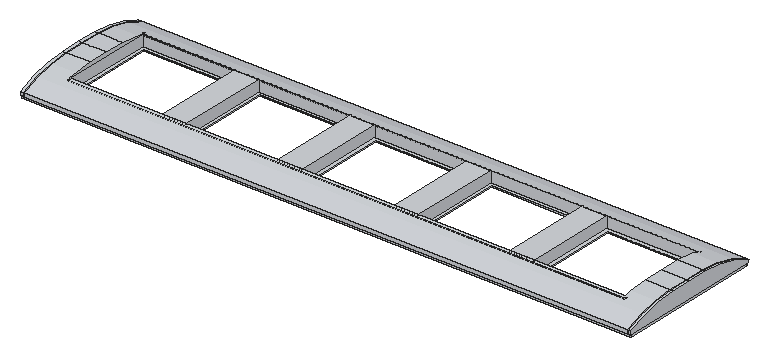
Revit family "Gira_0215334", category Electrical Fixtures, host Face, Revit 2017
Family settings
  Host = Face
  Maintain Annotation Orientation = No
  Round Connector Dimension = Use Diameter
  Part Type = Normal
  Cut with Voids When Loaded = No
  Shared = No
  Room Calculation Point = No
Parameters (values of type "Cov.fr. 5-g interm.fr. PW Gira Event Opaque white")
  With mounting grid = "No"
  With hinged lid = "No"
  URL = "http://katalog.gira.de/en/datenblatt.html?artikelnr=0215334"
  Type of fastening = "Clamp mounting"
  Transparent = "No"
  Surface protection = "Other"
  Suitable for wall duct = "No"
  Suitable for flush-mounted installation = "Yes"
  Suitable for floor box = "No"
  Suitable for built-in installation = "No"
  Number of units vertical = "5"
  Number of units horizontal = "5"
  Number of units = "5"
  Name = "Cov.fr. 5-g interm.fr. PW Gira Event Opaque white"
  Mounting direction = "Horizontal and vertical"
  Material quality = "Thermoplastic"
  Material = "Plastic"
  Manufacturer URL = "https://www.gira.de/"
  Manufacturer = "Gira"
  Label space/information surface = "No"
  Keynote = ""
  HeinzeBIM = "https://bimportal.heinze.de/bim/cov-fr-5-g-interm-fr-pw-gira-event-opaque-white/3b5b4f8adca940cb240f8977ca9ee91a15884096"
  Halogen free = "Yes"
  HAN = "0215334"
  GTIN = "4010337074410"
  Description = "Cov.fr.5g i.fr.PW EvOp WH,Gira Event Opaque frames,white with pure white glossy intermediate frame,5-gang,Features:,- Shatter-proof."
  Degree of protection (IP) = "IP20"
  Default Elevation = 1219.2 mm
  Data sheet (1) = "https://katalog.gira.de/en/download.html?artikelnr=0215334"
  Colour = "White"
  Category = "Cover frame for domestic switching devices"
  BIM (1) = "https://media.stage.bim.site/public/gira/36a6b08/Event_Rahmen_5fach.rfa"
  Available = "No"
Reference planes
  plane 1 "Center (Front/Back)": y = 0
  plane 2: z = 0
  plane 3 "Center (Left/Right)": x = 0
Forms (mm)
  Extrusion 1, solid, detail levels fine
    sketch origin (0, 0, 0.05) x (0, 1, 0) y (0, 0, 1)
      loop
        arc (12.445, 9.683) -> (6.223, 9.833) -> (0, 9.85) r 291.636
        arc (0, 9.85) -> (-6.223, 9.833) -> (-12.445, 9.683) r 291.636
        arc (-12.445, 9.683) -> (-29.14, 7.482) -> (-45, 1.823) r 79.728
        line (-45, 1.823) -> (-45, -0.05) -> (-42.086, -0.05)
        arc (-42.086, -0.05) -> (-21.385, 5.559) -> (0, 7.206) r 114.424
        arc (0, 7.206) -> (21.385, 5.559) -> (42.086, -0.05) r 114.424
        line (42.086, -0.05) -> (45, -0.05) -> (45, 1.823)
        arc (45, 1.823) -> (29.14, 7.482) -> (12.445, 9.683) r 79.728
    from -185.578 to 185.593
  Extrusion 2, void, detail levels fine
    sketch origin (0, 0, 0) x (1, 0, 0) y (0, 1, 0)
      loop
        line (170.607, 28) -> (-170.593, 28) -> (-170.593, -28) -> (170.607, -28) -> (170.607, 28)
    from 0.724 to 11
  Extrusion 3, solid, detail levels coarse
    sketch origin (0, 0, 0) x (1, 0, 0) y (0, 1, 0)
      loop
        line (-187.578, 45) -> (-187.578, -45) -> (187.593, -45) -> (187.593, 45) -> (-187.578, 45)
    from -1.5 to 9.9
  Extrusion 4, solid, detail levels medium
    sketch origin (0, 0, 0.05) x (0, 1, 0) y (0, 0, 1)
      loop
        arc (12.445, 9.683) -> (6.223, 9.833) -> (0, 9.85) r 291.636
        arc (0, 9.85) -> (-6.223, 9.833) -> (-12.445, 9.683) r 291.636
        arc (-12.445, 9.683) -> (-29.14, 7.482) -> (-45, 1.823) r 79.728
        line (-45, 1.823) -> (-45, -0.05) -> (45, -0.05) -> (45, 1.823)
        arc (45, 1.823) -> (29.14, 7.482) -> (12.445, 9.683) r 79.728
    from -187.578 to 187.593
  Extrusion 5, solid, detail levels fine
    sketch origin (-142.578, 0, -1.5) x (0, 1, 0) y (0, 0, -1)
      loop
        line (45, -3.373) -> (45, -1.5) -> (-45, -1.5) -> (-45, -3.373)
        arc (-45, -3.373) -> (-29.14, -9.032) -> (-12.445, -11.233) r 79.728
        arc (-12.445, -11.233) -> (-6.223, -11.383) -> (0, -11.4) r 291.636
        arc (0, -11.4) -> (6.223, -11.383) -> (12.445, -11.233) r 291.636
        arc (12.445, -11.233) -> (29.14, -9.032) -> (45, -3.373) r 79.728
    from 43 to 45
  Extrusion 6, solid, detail levels fine
    sketch origin (0, 0, 0) x (1, 0, 0) y (0, 1, 0)
      loop
        line (-168.493, 25.7) -> (-168.493, -25.7) -> (-116.693, -25.7) -> (-116.693, 25.7) -> (-168.493, 25.7)
      loop
        line (-45.398, -25.7) -> (-45.398, 25.7) -> (-97.198, 25.7) -> (-97.198, -25.7) -> (-45.398, -25.7)
      loop
        line (-171.487, 28.49) -> (-171.487, -28.495)
        spline (-171.487, -28.495) -> (-171.479, -28.625) -> (-171.453, -28.754) -> (-171.411, -28.878) -> (-171.353, -28.995) -> (-171.281, -29.104) -> (-171.194, -29.202) -> (-171.096, -29.288) -> (-170.987, -29.361) -> (-170.87, -29.419) -> (-170.746, -29.461) -> (-170.618, -29.486) -> (-170.487, -29.495)
        line (-170.487, -29.495) -> (170.502, -29.495)
        spline (170.502, -29.495) -> (170.633, -29.486) -> (170.761, -29.461) -> (170.885, -29.419) -> (171.002, -29.361) -> (171.111, -29.288) -> (171.209, -29.202) -> (171.296, -29.104) -> (171.368, -28.995) -> (171.426, -28.878) -> (171.468, -28.754) -> (171.494, -28.625) -> (171.502, -28.495)
        line (171.502, -28.495) -> (171.502, 28.49)
        spline (171.502, 28.49) -> (171.494, 28.62) -> (171.468, 28.748) -> (171.426, 28.872) -> (171.368, 28.99) -> (171.296, 29.098) -> (171.209, 29.197) -> (171.111, 29.283) -> (171.002, 29.356) -> (170.885, 29.413) -> (170.761, 29.456) -> (170.633, 29.481) -> (170.502, 29.49)
        line (170.502, 29.49) -> (-170.487, 29.49)
        spline (-170.487, 29.49) -> (-170.618, 29.481) -> (-170.746, 29.456) -> (-170.87, 29.413) -> (-170.987, 29.356) -> (-171.096, 29.283) -> (-171.194, 29.197) -> (-171.281, 29.098) -> (-171.353, 28.99) -> (-171.411, 28.872) -> (-171.453, 28.748) -> (-171.479, 28.62) -> (-171.487, 28.49)
      loop
        line (25.902, -25.7) -> (25.902, 25.7) -> (-25.898, 25.7) -> (-25.898, -25.7) -> (25.902, -25.7)
      loop
        line (97.207, -25.7) -> (97.207, 25.7) -> (45.407, 25.7) -> (45.407, -25.7) -> (97.207, -25.7)
      loop
        line (168.507, -25.7) -> (168.507, 25.7) -> (116.707, 25.7) -> (116.707, -25.7) -> (168.507, -25.7)
    from 0.1 to 7.3
  Extrusion 7, solid
    sketch origin (0, 0, 0) x (1, 0, 0) y (0, 1, 0)
      loop
        arc (-187.293, -44.218) -> (-187.146, -44.572) -> (-186.793, -44.718) r 0.5
        line (-186.793, -44.718) -> (186.807, -44.718)
        arc (186.807, -44.718) -> (187.161, -44.572) -> (187.307, -44.218) r 0.5
        line (187.307, -44.218) -> (187.307, 44.182)
        arc (187.307, 44.182) -> (187.161, 44.535) -> (186.807, 44.682) r 0.5
        line (186.807, 44.682) -> (-186.793, 44.682)
        arc (-186.793, 44.682) -> (-187.146, 44.535) -> (-187.293, 44.182) r 0.5
        line (-187.293, 44.182) -> (-187.293, -44.218)
      loop
        line (-185.593, 42.982) -> (-185.593, -43.018) -> (185.607, -43.018) -> (185.607, 42.982) -> (-185.593, 42.982)
    from -1.5 to 0.5
  Extrusion 8, solid, detail levels fine
    sketch origin (142.593, 0, -1.5) x (0, 1, 0) y (0, 0, 1)
      loop
        arc (45, 3.373) -> (29.14, 9.032) -> (12.445, 11.233) r 79.728
        arc (12.445, 11.233) -> (6.223, 11.383) -> (0, 11.4) r 291.636
        arc (0, 11.4) -> (-6.223, 11.383) -> (-12.445, 11.233) r 291.636
        arc (-12.445, 11.233) -> (-29.14, 9.032) -> (-45, 3.373) r 79.728
        line (-45, 3.373) -> (-45, 1.5) -> (45, 1.5) -> (45, 3.373)
    from 43 to 45
  Extrusion 9, solid, detail levels medium
    sketch origin (0, 0, 0) x (1, 0, 0) y (0, 1, 0)
      loop
        line (-187.293, -44.718) -> (187.307, -44.718) -> (187.307, 44.682) -> (-187.293, 44.682) -> (-187.293, -44.718)
    from -1.5 to 0.5
  Extrusion 10, solid, detail levels fine
    sketch origin (-105.5, 0, 0) x (1, 0, 0) y (0, 1, 0)
      loop
        line (-8.943, 28.063) -> (-8.943, -27.937) -> (6.057, -27.937) -> (6.057, 28.063) -> (-8.943, 28.063)
    from 0.724 to 7.566
  Extrusion 11, solid, detail levels fine
    sketch origin (-37.085, 0, 0) x (-1, 0, 0) y (0, -1, 0)
      loop
        line (-8.943, -28.063) -> (6.057, -28.063) -> (6.057, 27.937) -> (-8.943, 27.937) -> (-8.943, -28.063)
    from 0.724 to 7.566
  Extrusion 12, solid, detail levels fine
    sketch origin (105.5, 0, 0) x (-1, 0, 0) y (0, -1, 0)
      loop
        line (-8.943, -28.063) -> (6.057, -28.063) -> (6.057, 27.937) -> (-8.943, 27.937) -> (-8.943, -28.063)
    from 0.724 to 7.566
  Extrusion 13, solid, detail levels fine
    sketch origin (37.085, 0, 0) x (1, 0, 0) y (0, 1, 0)
      loop
        line (-8.943, 28.063) -> (-8.943, -27.937) -> (6.057, -27.937) -> (6.057, 28.063) -> (-8.943, 28.063)
    from 0.724 to 7.566
Cuts and joins
  Extrusion 2 cuts Extrusion 1
  Extrusion 2 cuts Extrusion 6
Dimensions and locks
  aligned and locked: plane 2 to host face
  aligned and locked: level to host face
